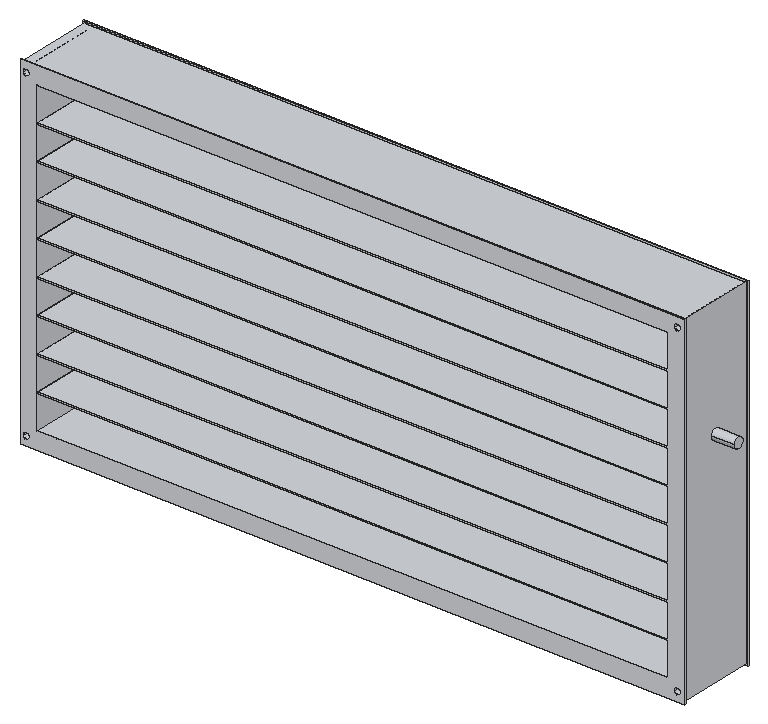
Revit family "18. Вертикальная заслонка ANR K1", category Оборудование, Revit 2016
Family settings
  Тип детали = Нормальный
  Размер круглого соединителя = Использовать диаметр
  На основе рабочей плоскости = Нет
  Всегда вертикально = Да
  При загрузке вырезать с полостями = Нет
  Общий = Нет
  Точка расчета площади = Нет
Parameters (values of type "ANR 6 K1")
  №8 = no
  №7 = no
  №6 = yes
  №45 = no
  №40 = no
  №35 = no
  №30 = no
  №25 = no
  №20 = no
  №12 = no
  р = А * 0.025  # 26 mm
  пл = Б / 10  # 54 mm
  Ширина лопатки = А * 0.051  # 53.04 mm
  Ширина = 1550 mm
  Середина = Б / 2  # 270 mm
  Д = 125 mm  # constant formula
  ножки(да/нет) [instance] = no
  Высота = 4015 mm
  Б2 = Б - 60 mm  # 480 mm
  Б1 = 510 mm
  А2 = А - 60 mm  # 980 mm
  А1 = 1020 mm
  А = 1040 mm
  Б = 540 mm
  Частотный преобразователь [instance] = no
  Частота вращения n, об/мин = ""
  Тип, марка, обозначение = "ANR 6 K1"
  Сила тока J, А = ""
  Регулятор расхода [instance] = no
  Раздел = "ОВ"
  Примечание = ""
  Позиция = ""
  Напряжение U,В = ""
  Наименование и тех.хар-ка = "Вертикальная заслонка"  # constant formula
  Мощность двигателя N,Вт = ""
  Материал = Сталь серая
  Масса единицы = ""
  Код, оборудования = ""
  Ключевая пометка = "Вентиляция"
  Задание электрикам [instance] = no
  Задание автоматчикам [instance] = no
  Завод изготовитель = "KORF"  # constant formula
  Единица измерения = "шт."  # constant formula
  d = А * 0.0154  # 16.016 mm
Reference planes
  plane 1 "По центру (Вперед/Назад)": y = 0
  plane 2: z = 0
  plane 3 "По центру (Влево/Вправо)": x = 0
  plane 4: x = -520
  plane 5: x = 520
  plane 6: y = -62.5
  plane 7: y = 62.5
  plane 8: z = 540
  plane 9: z = 525
  plane 10: z = 15
  plane 11: x = -510
  plane 12: x = 510
  plane 13: z = 270
  plane 14: z = 514
  plane 15: z = 26
  plane 16: x = -494
  plane 17: x = 494
  plane 18: z = 460
  plane 19: z = 406
  plane 20: z = 352
  plane 21: z = 298
  plane 22: z = 244
  plane 23: z = 190
  plane 24: z = 136
  plane 25: z = 82
  plane 26: z = 28
  plane 27: x = 554.5
Forms (mm)
  Extrusion 1, void, not visible
    sketch origin (-345, -245, 50) x (0, -1, 0) y (0, 0, -1)
      loop
        line (-477.965, -475) -> (-477.965, -450) -> (-528.913, -450) -> (-528.913, -475) -> (-477.965, -475)
    from -47.452 to 12
  Extrusion 2, solid, detail levels fine
    sketch origin (0, 0, 0) x (1, 0, 0) y (0, 1, 0)
      loop
        line (-520, 62.5) -> (-520, -62.5) -> (520, -62.5) -> (520, 62.5) -> (-520, 62.5)
    from 0 to 540
  Extrusion 3, void
    sketch origin (0, 0, 46.875) x (1, 0, 0) y (0, 0, 1)
      loop
        line (-494, 466.165) -> (-494, 413.125) -> (494, 413.125) -> (494, 466.165) -> (-494, 466.165)
    from -62.5 to 62.5
  Extrusion 4, void
    sketch origin (5.2, 0, -5.825) x (1, 0, 0) y (0, 0, 1)
      loop
        line (-499.2, 464.865) -> (-499.2, 411.825) -> (488.8, 411.825) -> (488.8, 464.865) -> (-499.2, 464.865)
    from -62.5 to 62.5
  Extrusion 5, void
    sketch origin (-19.6, 0, -221.025) x (1, 0, 0) y (0, 0, 1)
      loop
        line (-474.4, 626.065) -> (-474.4, 573.025) -> (513.6, 573.025) -> (513.6, 626.065) -> (-474.4, 626.065)
    from -62.5 to 62.5
  Extrusion 6, void
    sketch origin (-44.4, 0, -436.225) x (1, 0, 0) y (0, 0, 1)
      loop
        line (-449.6, 787.265) -> (-449.6, 734.225) -> (538.4, 734.225) -> (538.4, 787.265) -> (-449.6, 787.265)
    from -62.5 to 62.5
  Extrusion 7, void
    sketch origin (-9.2, 0, -648.925) x (1, 0, 0) y (0, 0, 1)
      loop
        line (-484.8, 945.965) -> (-484.8, 892.925) -> (503.2, 892.925) -> (503.2, 945.965) -> (-484.8, 945.965)
    from -62.5 to 62.5
  Extrusion 8, void
    sketch origin (-34, 0, -861) x (1, 0, 0) y (0, 0, 1)
      loop
        line (-460, 1104.04) -> (-460, 1051) -> (528, 1051) -> (528, 1104.04) -> (-460, 1104.04)
    from -62.5 to 62.5
  Extrusion 9, void
    sketch origin (-38.8, 0, -1073.075) x (1, 0, 0) y (0, 0, 1)
      loop
        line (-455.2, 1262.115) -> (-455.2, 1209.075) -> (532.8, 1209.075) -> (532.8, 1262.115) -> (-455.2, 1262.115)
    from -62.5 to 62.5
  Extrusion 10, void
    sketch origin (-63.6, 0, -1285.15) x (1, 0, 0) y (0, 0, 1)
      loop
        line (-430.4, 1420.19) -> (-430.4, 1367.15) -> (557.6, 1367.15) -> (557.6, 1420.19) -> (-430.4, 1420.19)
    from -62.5 to 62.5
  Extrusion 11, void
    sketch origin (-68.4, 0, -1497.225) x (1, 0, 0) y (0, 0, 1)
      loop
        line (-425.6, 1578.265) -> (-425.6, 1525.225) -> (562.4, 1525.225) -> (562.4, 1578.265) -> (-425.6, 1578.265)
    from -62.5 to 62.5
  Extrusion 12, void
    sketch origin (0, 0, 0) x (1, 0, 0) y (0, 0, 1)
      loop
        circle (-510, 525) r 5
    from -62.5 to 62.5
  Extrusion 13, void
    sketch origin (0, 0, 0) x (1, 0, 0) y (0, 0, 1)
      loop
        circle (-510, 15) r 5
    from -62.5 to 62.5
  Extrusion 14, void
    sketch origin (0, 0, 0) x (1, 0, 0) y (0, 0, 1)
      loop
        circle (510, 15) r 5
    from -62.5 to 62.5
  Extrusion 15, void
    sketch origin (0, 0, 0) x (1, 0, 0) y (0, 0, 1)
      loop
        circle (510, 525) r 5
    from -62.5 to 62.5
  Sweep 16, void, detail levels fine
    path in 3D
      loop
        line (-520, 62.5, 540) -> (-520, 62.5, 0) -> (520, 62.5, 0) -> (520, 62.5, 540) -> (-520, 62.5, 540)
    profile origin (0, 62.5, 540) x (0, -1, 0) y (0, 0, 1)
      loop
        line (1.759, 0) -> (1.759, -2.456) -> (123.009, -2.456) -> (123.009, 0) -> (1.759, 0)
  Extrusion 17, solid, detail levels fine
    sketch origin (0, 0, 0) x (0, 1, 0) y (0, 0, 1)
      loop
        circle (0, 352) r 8.008
    from 510 to 554.5
Cuts and joins
  Extrusion 3, Extrusion 4, Extrusion 5, Extrusion 6, Extrusion 7, Extrusion 8, Extrusion 9, Extrusion 10, Extrusion 11, Extrusion 12, Extrusion 13, Extrusion 14, Extrusion 15, Sweep 16 cuts Extrusion 2
  joined: Extrusion 2, Extrusion 17
Lines and regions (mm)
  sketch lines
    curve 1: line (520, 62.5, 540) -> (-520, 62.5, 540)
    curve 2: line (-520, 62.5, 540) -> (-520, 62.5, 0)
    curve 3: line (-520, 62.5, 0) -> (520, 62.5, 0)
    curve 4: line (520, 62.5, 540) -> (520, 62.5, 0)
  model lines, detail levels coarse
    curve 5: line (-520, 62.5, 0) -> (520, 62.5, 0)
    curve 6: line (-520, -62.5, 0) -> (-520, 62.5, 0)
    curve 7: line (520, -62.5, 0) -> (-520, -62.5, 0)
    curve 8: line (520, 62.5, 0) -> (520, -62.5, 0)
    curve 9: circle (0, 0, 0) r 35 normal (0, 0, 1)
    curve 10: line (-36.718, -34.182, 0) -> (36.418, 34.018, 0)
    curve 11: circle (-155, 0, 0) r 35 normal (0, 0, 1)
    curve 12: line (-191.718, -34.182, 0) -> (-118.582, 34.018, 0)
    curve 13: circle (-310, 0, 0) r 35 normal (0, 0, 1)
    curve 14: line (-346.718, -34.182, 0) -> (-273.582, 34.018, 0)
    curve 15: circle (-465, 0, 0) r 35 normal (0, 0, 1)
    curve 16: line (-501.718, -34.182, 0) -> (-428.582, 34.018, 0)
    curve 17: circle (465, 0, 0) r 35 normal (0, 0, 1)
    curve 18: line (428.282, -34.182, 0) -> (501.418, 34.018, 0)
    curve 19: circle (310, 0, 0) r 35 normal (0, 0, 1)
    curve 20: line (273.282, -34.182, 0) -> (346.418, 34.018, 0)
    curve 21: circle (155, 0, 0) r 35 normal (0, 0, 1)
    curve 22: line (118.282, -34.182, 0) -> (191.418, 34.018, 0)
  model lines, not visible, detail levels coarse
    curve 23: circle (0, 0, 0) r 35 normal (0, 0, 1)
    curve 24: line (-36.718, -34.182, 0) -> (36.418, 34.018, 0)
    curve 25: circle (-155, 0, 0) r 35 normal (0, 0, 1)
    curve 26: line (-191.718, -34.182, 0) -> (-118.582, 34.018, 0)
    curve 27: circle (-310, 0, 0) r 35 normal (0, 0, 1)
    curve 28: line (-346.718, -34.182, 0) -> (-273.582, 34.018, 0)
    curve 29: circle (-465, 0, 0) r 35 normal (0, 0, 1)
    curve 30: line (-501.718, -34.182, 0) -> (-428.582, 34.018, 0)
    curve 31: circle (465, 0, 0) r 35 normal (0, 0, 1)
    curve 32: line (428.282, -34.182, 0) -> (501.418, 34.018, 0)
    curve 33: circle (310, 0, 0) r 35 normal (0, 0, 1)
    curve 34: line (273.282, -34.182, 0) -> (346.418, 34.018, 0)
    curve 35: circle (155, 0, 0) r 35 normal (0, 0, 1)
    curve 36: line (118.282, -34.182, 0) -> (191.418, 34.018, 0)
Dimensions and locks
  equal spacing: plane 7, plane 1 "По центру (Вперед/Назад)", plane 6
  "Д": plane 7 to plane 6
  equal spacing: plane 4, plane 3 "По центру (Влево/Вправо)", plane 5
  "А": plane 4 to plane 5
  "Б": plane 8 to level
  "Середина": plane 13 to level
  equal spacing: plane 9, plane 13, plane 10
  "Б1": plane 9 to plane 10
  equal spacing: plane 12, plane 3 "По центру (Влево/Вправо)", plane 11
  "А1": plane 12 to plane 11
  "р": plane 8 to plane 14
  "р": plane 15 to level
  "р": plane 16 to plane 4
  "р": plane 5 to plane 17
  "Ширина лопатки": Extrusion 3 sketch curve to Extrusion 3 sketch curve
  "пл": plane 18 to plane 19
  "пл": plane 14 to plane 18
  "пл": plane 19 to plane 20
  "пл": plane 20 to plane 21
  "пл": plane 21 to plane 22
  "пл": plane 22 to plane 23
  "пл": plane 23 to plane 24
  "пл": plane 24 to plane 25
  "Ширина лопатки": Extrusion 4 sketch curve to Extrusion 4 sketch curve
  "Ширина лопатки": Extrusion 5 sketch curve to Extrusion 5 sketch curve
  "Ширина лопатки": Extrusion 6 sketch curve to Extrusion 6 sketch curve
  "пл": plane 25 to plane 26
  plane 14 to plane 15 = 488 mm
  "Ширина лопатки": Extrusion 7 sketch curve to Extrusion 7 sketch curve
  "Ширина лопатки": Extrusion 8 sketch curve to Extrusion 8 sketch curve
  "Ширина лопатки": Extrusion 9 sketch curve to Extrusion 9 sketch curve
  "Ширина лопатки": Extrusion 10 sketch curve to Extrusion 10 sketch curve
  "Ширина лопатки": Extrusion 11 sketch curve to Extrusion 11 sketch curve
  locked: plane 27 to plane 5 at 34.5
  "d": diameter of Extrusion 17 sketch curve
  aligned and locked: level to plane 2
  aligned and locked: Extrusion 2 to plane 4
  aligned and locked: plane 7 to Extrusion 2
  aligned and locked: plane 5 to Extrusion 2
  aligned and locked: Extrusion 2 to plane 6
  aligned and locked: plane 8 to Extrusion 2
  aligned and locked: cut or joined group 1 (Extrusion 2, Extrusion 3, Extrusion 4, Extrusion 5, Extrusion 6, Extrusion 7, Extrusion 8, Extrusion 9, Extrusion 10, Extrusion 11, Extrusion 12, Extrusion 13, Extrusion 14, Extrusion 15, Sweep 16, Extrusion 17) to plane 16  (x9)
  aligned and locked: plane 17 to cut or joined group 1  (x9)
  aligned and locked: cut or joined group 1 to plane 6  (x5)
  aligned and locked: plane 7 to cut or joined group 1  (x5)
  aligned and locked: cut or joined group 1 to plane 19
  aligned and locked: cut or joined group 1 to plane 20
  aligned and locked: cut or joined group 1 to plane 21
  aligned and locked: plane 18 to cut or joined group 1
  aligned and locked: plane 16 to cut or joined group 1
  aligned and locked: cut or joined group 1 to plane 17
  aligned and locked: cut or joined group 1 to plane 22
  aligned and locked: cut or joined group 1 to plane 23
  aligned and locked: cut or joined group 1 to plane 24
  aligned and locked: cut or joined group 1 to plane 25
  aligned and locked: cut or joined group 1 to plane 26
  aligned and locked: plane 27 to Extrusion 17
  aligned and locked: Extrusion 17 to plane 12
  aligned and locked: curve 5 to cut or joined group 1
  aligned and locked: curve 6 to cut or joined group 1
  aligned and locked: curve 7 to cut or joined group 1
  aligned and locked: curve 8 to cut or joined group 1
  aligned and locked: plane 7 to nested 2
  aligned and locked: nested 2 to level
  aligned and locked: plane 6 to nested 3
  aligned and locked: level to nested 3
  aligned and locked: plane 6 to nested 4  (x2)
  aligned and locked: level to nested 4
  aligned and locked: plane 6 to nested 5
  aligned and locked: level to nested 5
  aligned and locked: plane 3 "По центру (Влево/Вправо)" to nested 5
  aligned and locked: plane 3 "По центру (Влево/Вправо)" to nested 4
  aligned and locked: plane 3 "По центру (Влево/Вправо)" to nested 3
  aligned and locked: plane 3 "По центру (Влево/Вправо)" to nested 2
  aligned and locked: level to nested 6
  aligned and locked: plane 3 "По центру (Влево/Вправо)" to nested 6
  aligned and locked: plane 6 to nested 7
  aligned and locked: level to nested 7
  aligned and locked: plane 3 "По центру (Влево/Вправо)" to nested 7
  aligned and locked: plane 6 to nested 8
  aligned and locked: level to nested 8
  aligned and locked: plane 6 to nested 9
  aligned and locked: level to nested 9
  aligned and locked: plane 3 "По центру (Влево/Вправо)" to nested 9
  aligned and locked: plane 3 "По центру (Влево/Вправо)" to nested 8
  aligned and locked: plane 6 to nested 10
  aligned and locked: level to nested 10
  aligned and locked: plane 6 to nested 11
  aligned and locked: level to nested 11
  aligned and locked: plane 3 "По центру (Влево/Вправо)" to nested 11
  aligned and locked: plane 3 "По центру (Влево/Вправо)" to nested 10
Automatic sketch dimensions
  Extrusion 1 sketch curve to Extrusion 1 sketch curve = 50.949 mm
  Extrusion 1 sketch curve to Extrusion 1 sketch curve = 25 mm
  Extrusion 12 sketch curve to plane 9 = 0 mm
  Extrusion 12 sketch curve to plane 11 = 0 mm
  Extrusion 13 sketch curve to plane 10 = 0 mm
  Extrusion 13 sketch curve to plane 11 = 0 mm
  Extrusion 2 sketch curve to plane 4 = 0 mm
  Extrusion 2 sketch curve to plane 5 = 0 mm
  Extrusion 2 sketch curve to plane 6 = 0 mm
  Extrusion 2 sketch curve to plane 7 = 0 mm
  Extrusion 14 sketch curve to plane 10 = 0 mm
  Extrusion 14 sketch curve to plane 12 = 0 mm
  Extrusion 15 sketch curve to plane 9 = 0 mm
  Extrusion 15 sketch curve to plane 12 = 0 mm
  Sweep 16 sketch curve to profile plane = 0 mm
  Sweep 16 sketch curve to profile plane = 1.759 mm
  Sweep 16 sketch curve to profile plane = 2.456 mm
  Sweep 16 sketch curve to Sweep 16 sketch curve = 121.25 mm
  Extrusion 3 sketch curve to plane 16 = 0 mm
  Extrusion 3 sketch curve to plane 17 = 0 mm
  Extrusion 3 sketch curve to plane 18 = 0 mm
  Extrusion 4 sketch curve to plane 16 = 0 mm
  Extrusion 4 sketch curve to plane 17 = 0 mm
  Extrusion 4 sketch curve to plane 19 = 0 mm
  Extrusion 5 sketch curve to plane 16 = 0 mm
  Extrusion 5 sketch curve to plane 17 = 0 mm
  Extrusion 5 sketch curve to plane 20 = 0 mm
  Extrusion 6 sketch curve to plane 16 = 0 mm
  Extrusion 6 sketch curve to plane 17 = 0 mm
  Extrusion 6 sketch curve to plane 21 = 0 mm
  Extrusion 7 sketch curve to plane 16 = 0 mm
  Extrusion 7 sketch curve to plane 17 = 0 mm
  Extrusion 7 sketch curve to plane 22 = 0 mm
  Extrusion 8 sketch curve to plane 16 = 0 mm
  Extrusion 8 sketch curve to plane 17 = 0 mm
  Extrusion 8 sketch curve to plane 23 = 0 mm
  Extrusion 9 sketch curve to plane 16 = 0 mm
  Extrusion 9 sketch curve to plane 17 = 0 mm
  Extrusion 9 sketch curve to plane 24 = 0 mm
  Extrusion 10 sketch curve to plane 16 = 0 mm
  Extrusion 10 sketch curve to plane 17 = 0 mm
  Extrusion 10 sketch curve to plane 25 = 0 mm
  Extrusion 11 sketch curve to plane 16 = 0 mm
  Extrusion 11 sketch curve to plane 17 = 0 mm
  Extrusion 11 sketch curve to plane 26 = 0 mm
  Extrusion 17 sketch curve to plane 1 "По центру (Вперед/Назад)" = 0 mm
  Extrusion 17 sketch curve to plane 20 = 0 mm
  radius of Extrusion 12 sketch curve = 5 mm
  radius of Extrusion 13 sketch curve = 5 mm
  radius of Extrusion 14 sketch curve = 5 mm
  radius of Extrusion 15 sketch curve = 5 mm
Nested families
  nested 1: "крепление 15мм" at (-330, 229.965, 495), type "крепление 15мм", not visible
  nested 2: "УГО заслонка №6 (разрез)" at (0, 0, 0) x (0, 1, 0) z (0, 0, 1), visible <- "№6", длина <- "Д", высота <- "Б1", type "УГО заслонка №6 (разрез)", detail levels medium
    with длина 125 mm, высота 510 mm, Ширина 410 mm
  nested 3: "УГО заслонка №7 (разрез)" at (0, 0, 0) x (0, 1, 0) z (0, 0, 1), visible <- "№7", длина <- "Д", высота <- "Б1", type "УГО заслонка №7 (разрез)", detail levels medium
    with длина 125 mm, высота 510 mm, Ширина 410 mm
  nested 4: "УГО заслонка №8 (разрез)" at (0, 0, 0) x (0, 1, 0) z (0, 0, 1), длина <- "Д", высота <- "Б1", visible <- "№8", type "УГО заслонка №8 (разрез)", detail levels medium
    with длина 125 mm, высота 510 mm, Ширина 0 mm
  nested 5: "УГО заслонка №12 (разрез)" at (0, 0, 0) x (0, 1, 0) z (0, 0, 1), высота <- "Б1", длина <- "Д", visible <- "№12", type "УГО заслонка №12 (разрез)", detail levels medium
    with длина 125 mm, высота 510 mm, Ширина 410 mm
  nested 6: "УГО заслонка №20 (разрез)" at (0, -0.082, 0) x (0, 1, 0) z (0, 0, 1), visible <- "№20", длина <- "Д", высота <- "Б", type "УГО заслонка №20 (разрез)", detail levels medium
    with длина 125 mm, высота 540 mm, Ширина 410 mm
  nested 7: "УГО заслонка №25 (разрез)" at (0, 0, 0) x (0, 1, 0) z (0, 0, 1), visible <- "№25", длина <- "Д", высота <- "Б1", type "УГО заслонка №25 (разрез)", detail levels medium
    with длина 125 mm, высота 510 mm, Ширина 410 mm
  nested 8: "УГО заслонка №30 (разрез)" at (0, 0, 0) x (0, 1, 0) z (0, 0, 1), visible <- "№30", длина <- "Д", высота <- "Б1", type "УГО заслонка №30 (разрез)", detail levels medium
    with длина 125 mm, высота 510 mm, Ширина 410 mm
  nested 9: "УГО заслонка №35 (разрез)" at (0, 0, 0) x (0, 1, 0) z (0, 0, 1), visible <- "№35", длина <- "Д", высота <- "Б1", type "УГО заслонка №35 (разрез)", detail levels medium
    with длина 125 mm, высота 510 mm, Ширина 0 mm
  nested 10: "УГО заслонка №40 (разрез)" at (0, 0, 0) x (0, 1, 0) z (0, 0, 1), visible <- "№40", длина <- "Д", высота <- "Б1", type "УГО заслонка №40 (разрез)", detail levels medium
    with длина 125 mm, высота 510 mm, Ширина 0 mm
  nested 11: "УГО заслонка №45 (разрез)" at (0, 0, 0) x (0, 1, 0) z (0, 0, 1), длина <- "Д", высота <- "Б1", visible <- "№45", type "УГО заслонка №45 (разрез)", detail levels medium
    with длина 125 mm, высота 510 mm, Ширина 410 mm
Connectors
  hvac at (0, -62.5, 270), driven by "Б", driven by "А"
    settings: on cut or joined group 1, index 1, duct flow 0.0 L/s, flow factor 0, pres drop 0.0 Pa, loss coef 0, conn angle 0.00°, conn width 1040 mm, conn height 540 mm, conn diameter 609.6 mm, duct sys type 28, conn prof type 1, flow config 0, flow direction 0, loss method 0, conn ref index 2, conn util no, is conn primary yes, conn desc ""
  hvac at (0, 62.5, 270), driven by "Б", driven by "А"
    settings: on cut or joined group 1, index 2, duct flow 0.0 L/s, flow factor 0, pres drop 0.0 Pa, loss coef 0, conn angle 0.00°, conn width 1040 mm, conn height 540 mm, conn diameter 609.6 mm, duct sys type 28, conn prof type 1, flow config 0, flow direction 0, loss method 0, conn ref index 1, conn util no, is conn primary no, conn desc ""
Definition of nested family "крепление 15мм"
  Parameters (values of type "крепление 15мм")
    Материал крепления = none
  Reference planes
    plane 1 "По центру (Вперед/Назад)": y = 0
    plane 2: z = 0
    plane 3 "По центру (Влево/Вправо)": x = 0
  Forms (mm)
    Extrusion 1, solid, material <- "Материал крепления"
      sketch origin (0, 0, 0) x (1, 0, 0) y (0, 1, 0)
        loop
          line (-25, 0) -> (0, 0) -> (0, 18.31) -> (0, 25) -> (-3, 25) -> (-3, 3) -> (-25, 3) -> (-25, 0)
      from 0 to 30
    Extrusion 2, void
      sketch origin (0, 0, 0) x (1, 0, 0) y (0, 1, 0)
        loop
          line (-3, 3) -> (-3, 54.96) -> (-58, 54.96) -> (-58, 3) -> (-3, 3)
      from 0 to 15
  Cuts and joins
    Extrusion 2 cuts Extrusion 1
  Dimensions and locks
    Extrusion 1 sketch curve to Extrusion 1 sketch curve = 3 mm  (x2)
    Extrusion 1 sketch curve to Extrusion 1 sketch curve to plane 3 "По центру (Влево/Вправо)" = 25 mm, 0 mm
    Extrusion 1 sketch curve to Extrusion 1 sketch curve = 25 mm
    aligned and locked: level to plane 2
Definition of nested family "УГО заслонка №6 (разрез)"
  Parameters (values of type "УГО заслонка №6 (разрез)")
    длина [instance] = 125 mm
    высота [instance] = 500 mm
    Ширина [instance] = 410 mm
    Частота вращения n, об/мин = ""
    Тип, марка, обозначение = ""
    Сила тока J, А = ""
    Раздел = ""
    Примечание = ""
    Позиция = ""
    Default Elevation = 1219.2 mm
    Напряжение U,В = ""
    Наименование и тех.хар-ка = ""
    Мощность двигателя N,Вт = ""
    Материал = none
    Масса единицы = ""
    Код, оборудования = ""
    Keynote = ""
    Завод изготовитель = ""
    Единица измерения = ""
    Диаметр = 110 mm
  Reference planes
    plane 1 "По центру (Вперед/Назад)": y = 0
    plane 2: z = 0
    plane 3 "По центру (Влево/Вправо)": x = 0
    plane 4: z = 500
    plane 5: x = 62.5
    plane 6: x = -62.5
    plane 7: z = 250
  Lines and regions (mm)
    model lines
      curve 1: line (-62.5, 0, 0) -> (62.5, 0, 0)
      curve 2: line (-62.5, 0, 500) -> (-62.5, 0, 0)
      curve 3: line (62.5, 0, 500) -> (-62.5, 0, 500)
      curve 4: line (62.5, 0, 0) -> (62.5, 0, 500)
      curve 21: circle (0, 0, 250) r 25 normal (0, -1, 0)
      curve 22: line (31.82, 0, 281.82) -> (-31.82, 0, 218.18)
      curve 23: circle (0, 0, 352.5) r 25 normal (0, -1, 0)
      curve 24: line (31.82, 0, 384.32) -> (-31.82, 0, 320.68)
      curve 25: circle (0, 0, 450) r 25 normal (0, -1, 0)
      curve 26: line (31.82, 0, 481.82) -> (-31.82, 0, 418.18)
      curve 27: circle (0, 0, 50.755) r 25 normal (0, -1, 0)
      curve 28: line (31.82, 0, 82.575) -> (-31.82, 0, 18.935)
      curve 29: circle (0, 0, 148.255) r 25 normal (0, -1, 0)
      curve 30: line (31.82, 0, 180.075) -> (-31.82, 0, 116.435)
    model lines, not visible
      curve 5: line (63.964, 0, 624.61) -> (63.964, 0, 608.219)
      curve 6: line (63.964, 0, 608.219) -> (-88.681, 0, 555.659)
      curve 7: line (-88.681, 0, 555.659) -> (-88.681, 0, 524.267)
      curve 8: line (63.964, 0, 471.707) -> (-88.681, 0, 524.267)
      curve 9: line (63.964, 0, 471.707) -> (63.964, 0, 455.315)
      curve 10: line (63.964, 0, 455.315) -> (-88.681, 0, 402.755)
      curve 11: line (-88.681, 0, 402.755) -> (-88.681, 0, 371.363)
      curve 12: line (63.964, 0, 318.804) -> (-88.681, 0, 371.363)
      curve 13: line (63.964, 0, 318.804) -> (63.964, 0, 302.412)
      curve 14: line (63.964, 0, 302.412) -> (-88.681, 0, 249.852)
      curve 15: line (-88.681, 0, 249.852) -> (-88.681, 0, 218.46)
      curve 16: line (63.964, 0, 165.9) -> (-88.681, 0, 218.46)
      curve 17: line (63.964, 0, 165.9) -> (63.964, 0, 149.508)
      curve 18: line (63.964, 0, 149.508) -> (-88.681, 0, 96.948)
      curve 19: line (-88.681, 0, 96.948) -> (-88.681, 0, 65.557)
      curve 20: line (63.964, 0, 12.997) -> (-88.681, 0, 65.557)
      curve 31: circle (0, 0, 250) r 25 normal (0, -1, 0)
      curve 32: line (31.82, 0, 281.82) -> (-31.82, 0, 218.18)
      curve 33: circle (0, 0, 352.5) r 25 normal (0, -1, 0)
      curve 34: line (31.82, 0, 384.32) -> (-31.82, 0, 320.68)
      curve 35: circle (0, 0, 450) r 25 normal (0, -1, 0)
      curve 36: line (31.82, 0, 481.82) -> (-31.82, 0, 418.18)
      curve 37: circle (0, 0, 50.755) r 25 normal (0, -1, 0)
      curve 38: line (31.82, 0, 82.575) -> (-31.82, 0, 18.935)
      curve 39: circle (0, 0, 148.255) r 25 normal (0, -1, 0)
      curve 40: line (31.82, 0, 180.075) -> (-31.82, 0, 116.435)
  Dimensions and locks
    equal spacing: plane 5, plane 3 "По центру (Влево/Вправо)", plane 6
    "длина": plane 5 to plane 6
    "высота": plane 4 to level
    equal spacing: plane 4, plane 7, plane 2
    aligned and locked: level to plane 2
  Automatic sketch dimensions
    curve 3 to plane 4 = 0 mm
    curve 3 to plane 6 = 0 mm
    curve 4 to level = 0 mm
    curve 4 to plane 5 = 0 mm
Definition of nested family "УГО заслонка №7 (разрез)"
  Parameters (values of type "УГО заслонка №7 (разрез)")
    длина [instance] = 125 mm
    высота [instance] = 700 mm
    Ширина [instance] = 410 mm
    Частота вращения n, об/мин = ""
    Тип, марка, обозначение = ""
    Сила тока J, А = ""
    Раздел = ""
    Примечание = ""
    Позиция = ""
    Default Elevation = 1219.2 mm
    Напряжение U,В = ""
    Наименование и тех.хар-ка = ""
    Мощность двигателя N,Вт = ""
    Материал = none
    Масса единицы = ""
    Код, оборудования = ""
    Keynote = ""
    Завод изготовитель = ""
    Единица измерения = ""
    Диаметр = 110 mm
  Reference planes
    plane 1 "По центру (Вперед/Назад)": y = 0
    plane 2: z = 0
    plane 3 "По центру (Влево/Вправо)": x = 0
    plane 4: z = 700
    plane 5: x = 62.5
    plane 6: x = -62.5
    plane 7: z = 350
  Lines and regions (mm)
    model lines
      curve 1: line (-62.5, 0, 0) -> (62.5, 0, 0)
      curve 2: line (-62.5, 0, 700) -> (-62.5, 0, 0)
      curve 3: line (62.5, 0, 700) -> (-62.5, 0, 700)
      curve 4: line (62.5, 0, 0) -> (62.5, 0, 700)
      curve 21: circle (0, 0, 350) r 25 normal (0, -1, 0)
      curve 22: line (31.82, 0, 381.82) -> (-31.82, 0, 318.18)
      curve 23: circle (0, 0, 452.5) r 25 normal (0, -1, 0)
      curve 24: line (31.82, 0, 484.32) -> (-31.82, 0, 420.68)
      curve 25: circle (0, 0, 650) r 25 normal (0, -1, 0)
      curve 26: line (31.82, 0, 681.82) -> (-31.82, 0, 618.18)
      curve 27: circle (0, 0, 50.755) r 25 normal (0, -1, 0)
      curve 28: line (31.82, 0, 82.575) -> (-31.82, 0, 18.935)
      curve 29: circle (0, 0, 248.255) r 25 normal (0, -1, 0)
      curve 30: line (31.82, 0, 280.075) -> (-31.82, 0, 216.435)
      curve 31: circle (0, 0, 555) r 25 normal (0, -1, 0)
      curve 32: line (31.82, 0, 586.82) -> (-31.82, 0, 523.18)
      curve 33: circle (0, 0, 146.51) r 25 normal (0, -1, 0)
      curve 34: line (31.82, 0, 178.329) -> (-31.82, 0, 114.69)
    model lines, not visible
      curve 5: line (63.964, 0, 624.61) -> (63.964, 0, 608.219)
      curve 6: line (63.964, 0, 608.219) -> (-88.681, 0, 555.659)
      curve 7: line (-88.681, 0, 555.659) -> (-88.681, 0, 524.267)
      curve 8: line (63.964, 0, 471.707) -> (-88.681, 0, 524.267)
      curve 9: line (63.964, 0, 471.707) -> (63.964, 0, 455.315)
      curve 10: line (63.964, 0, 455.315) -> (-88.681, 0, 402.755)
      curve 11: line (-88.681, 0, 402.755) -> (-88.681, 0, 371.363)
      curve 12: line (63.964, 0, 318.804) -> (-88.681, 0, 371.363)
      curve 13: line (63.964, 0, 318.804) -> (63.964, 0, 302.412)
      curve 14: line (63.964, 0, 302.412) -> (-88.681, 0, 249.852)
      curve 15: line (-88.681, 0, 249.852) -> (-88.681, 0, 218.46)
      curve 16: line (63.964, 0, 165.9) -> (-88.681, 0, 218.46)
      curve 17: line (63.964, 0, 165.9) -> (63.964, 0, 149.508)
      curve 18: line (63.964, 0, 149.508) -> (-88.681, 0, 96.948)
      curve 19: line (-88.681, 0, 96.948) -> (-88.681, 0, 65.557)
      curve 20: line (63.964, 0, 12.997) -> (-88.681, 0, 65.557)
      curve 35: circle (0, 0, 350) r 25 normal (0, -1, 0)
      curve 36: line (31.82, 0, 381.82) -> (-31.82, 0, 318.18)
      curve 37: circle (0, 0, 452.5) r 25 normal (0, -1, 0)
      curve 38: line (31.82, 0, 484.32) -> (-31.82, 0, 420.68)
      curve 39: circle (0, 0, 650) r 25 normal (0, -1, 0)
      curve 40: line (31.82, 0, 681.82) -> (-31.82, 0, 618.18)
      curve 41: circle (0, 0, 50.755) r 25 normal (0, -1, 0)
      curve 42: line (31.82, 0, 82.575) -> (-31.82, 0, 18.935)
      curve 43: circle (0, 0, 248.255) r 25 normal (0, -1, 0)
      curve 44: line (31.82, 0, 280.075) -> (-31.82, 0, 216.435)
      curve 45: circle (0, 0, 555) r 25 normal (0, -1, 0)
      curve 46: line (31.82, 0, 586.82) -> (-31.82, 0, 523.18)
      curve 47: circle (0, 0, 146.51) r 25 normal (0, -1, 0)
      curve 48: line (31.82, 0, 178.329) -> (-31.82, 0, 114.69)
  Dimensions and locks
    equal spacing: plane 5, plane 3 "По центру (Влево/Вправо)", plane 6
    "длина": plane 5 to plane 6
    "высота": plane 4 to level
    equal spacing: plane 4, plane 7, plane 2
    aligned and locked: level to plane 2
  Automatic sketch dimensions
    curve 3 to plane 4 = 0 mm
    curve 3 to plane 6 = 0 mm
    curve 3 to plane 5 = 0 mm
    curve 1 to level = 0 mm
Definition of nested family "УГО заслонка №8 (разрез)"
  Parameters (values of type "УГО заслонка №8 (разрез)")
    длина [instance] = 125 mm
    высота [instance] = 740 mm
    Ширина [instance] = 410 mm
    Частота вращения n, об/мин = ""
    Тип, марка, обозначение = ""
    Сила тока J, А = ""
    Раздел = ""
    Примечание = ""
    Позиция = ""
    Default Elevation = 1219.2 mm
    Напряжение U,В = ""
    Наименование и тех.хар-ка = ""
    Мощность двигателя N,Вт = ""
    Материал = none
    Масса единицы = ""
    Код, оборудования = ""
    Keynote = ""
    Завод изготовитель = ""
    Единица измерения = ""
    Диаметр = 110 mm
  Reference planes
    plane 1 "По центру (Вперед/Назад)": y = 0
    plane 2: z = 0
    plane 3 "По центру (Влево/Вправо)": x = 0
    plane 4: z = 740
    plane 5: x = 62.5
    plane 6: x = -62.5
    plane 7: z = 370
  Lines and regions (mm)
    model lines
      curve 1: line (-62.5, 0, 0) -> (62.5, 0, 0)
      curve 2: line (-62.5, 0, 740) -> (-62.5, 0, 0)
      curve 3: line (62.5, 0, 740) -> (-62.5, 0, 740)
      curve 4: line (62.5, 0, 0) -> (62.5, 0, 740)
      curve 21: circle (0, 0, 370) r 25 normal (0, -1, 0)
      curve 22: line (31.82, 0, 401.82) -> (-31.82, 0, 338.18)
      curve 23: circle (0, 0, 50.755) r 25 normal (0, -1, 0)
      curve 24: line (31.82, 0, 82.575) -> (-31.82, 0, 18.935)
      curve 25: circle (0, 0, 268.255) r 25 normal (0, -1, 0)
      curve 26: line (31.82, 0, 300.075) -> (-31.82, 0, 236.435)
      curve 27: circle (0, 0, 156.51) r 25 normal (0, -1, 0)
      curve 28: line (31.82, 0, 188.329) -> (-31.82, 0, 124.69)
      curve 29: circle (0, 0, 689.245) r 25 normal (0, 1, 0)
      curve 30: circle (0, 0, 471.745) r 25 normal (0, 1, 0)
      curve 31: circle (0, 0, 583.49) r 25 normal (0, 1, 0)
      curve 32: line (31.82, 0, 503.565) -> (-31.82, 0, 439.925)
      curve 33: line (31.82, 0, 615.31) -> (-31.82, 0, 551.671)
      curve 34: line (31.82, 0, 721.065) -> (-31.82, 0, 657.425)
    model lines, not visible
      curve 5: line (63.964, 0, 624.61) -> (63.964, 0, 608.219)
      curve 6: line (63.964, 0, 608.219) -> (-88.681, 0, 555.659)
      curve 7: line (-88.681, 0, 555.659) -> (-88.681, 0, 524.267)
      curve 8: line (63.964, 0, 471.707) -> (-88.681, 0, 524.267)
      curve 9: line (63.964, 0, 471.707) -> (63.964, 0, 455.315)
      curve 10: line (63.964, 0, 455.315) -> (-88.681, 0, 402.755)
      curve 11: line (-88.681, 0, 402.755) -> (-88.681, 0, 371.363)
      curve 12: line (63.964, 0, 318.804) -> (-88.681, 0, 371.363)
      curve 13: line (63.964, 0, 318.804) -> (63.964, 0, 302.412)
      curve 14: line (63.964, 0, 302.412) -> (-88.681, 0, 249.852)
      curve 15: line (-88.681, 0, 249.852) -> (-88.681, 0, 218.46)
      curve 16: line (63.964, 0, 165.9) -> (-88.681, 0, 218.46)
      curve 17: line (63.964, 0, 165.9) -> (63.964, 0, 149.508)
      curve 18: line (63.964, 0, 149.508) -> (-88.681, 0, 96.948)
      curve 19: line (-88.681, 0, 96.948) -> (-88.681, 0, 65.557)
      curve 20: line (63.964, 0, 12.997) -> (-88.681, 0, 65.557)
      curve 35: circle (0, 0, 370) r 25 normal (0, -1, 0)
      curve 36: line (31.82, 0, 401.82) -> (-31.82, 0, 338.18)
      curve 37: circle (0, 0, 50.755) r 25 normal (0, -1, 0)
      curve 38: line (31.82, 0, 82.575) -> (-31.82, 0, 18.935)
      curve 39: circle (0, 0, 268.255) r 25 normal (0, -1, 0)
      curve 40: line (31.82, 0, 300.075) -> (-31.82, 0, 236.435)
      curve 41: circle (0, 0, 156.51) r 25 normal (0, -1, 0)
      curve 42: line (31.82, 0, 188.329) -> (-31.82, 0, 124.69)
      curve 43: circle (0, 0, 689.245) r 25 normal (0, 1, 0)
      curve 44: circle (0, 0, 471.745) r 25 normal (0, 1, 0)
      curve 45: circle (0, 0, 583.49) r 25 normal (0, 1, 0)
      curve 46: line (31.82, 0, 503.565) -> (-31.82, 0, 439.925)
      curve 47: line (31.82, 0, 615.31) -> (-31.82, 0, 551.671)
      curve 48: line (31.82, 0, 721.065) -> (-31.82, 0, 657.425)
  Dimensions and locks
    equal spacing: plane 5, plane 3 "По центру (Влево/Вправо)", plane 6
    "длина": plane 5 to plane 6
    "высота": plane 4 to level
    equal spacing: plane 4, plane 7, plane 2
    aligned and locked: level to plane 2
  Automatic sketch dimensions
    curve 3 to plane 4 = 0 mm
    curve 3 to plane 6 = 0 mm
    curve 1 to level = 0 mm
    curve 1 to plane 5 = 0 mm
Definition of nested family "УГО заслонка №12 (разрез)"
  Parameters (values of type "УГО заслонка №12 (разрез)")
    длина [instance] = 125 mm
    высота [instance] = 840 mm
    Ширина [instance] = 410 mm
    Частота вращения n, об/мин = ""
    Тип, марка, обозначение = ""
    Сила тока J, А = ""
    Раздел = ""
    Примечание = ""
    Позиция = ""
    Default Elevation = 1219.2 mm
    Напряжение U,В = ""
    Наименование и тех.хар-ка = ""
    Мощность двигателя N,Вт = ""
    Материал = none
    Масса единицы = ""
    Код, оборудования = ""
    Keynote = ""
    Завод изготовитель = ""
    Единица измерения = ""
    Диаметр = 110 mm
  Reference planes
    plane 1 "По центру (Вперед/Назад)": y = 0
    plane 2: z = 0
    plane 3 "По центру (Влево/Вправо)": x = 0
    plane 4: z = 840
    plane 5: x = 62.5
    plane 6: x = -62.5
    plane 7: z = 420
  Lines and regions (mm)
    model lines
      curve 1: line (-62.5, 0, 0) -> (62.5, 0, 0)
      curve 2: line (-62.5, 0, 840) -> (-62.5, 0, 0)
      curve 3: line (62.5, 0, 840) -> (-62.5, 0, 840)
      curve 4: line (62.5, 0, 0) -> (62.5, 0, 840)
      curve 21: circle (0, 0, 420) r 25 normal (0, -1, 0)
      curve 22: line (31.82, 0, 451.82) -> (-31.82, 0, 388.18)
      curve 23: circle (0, 0, 769.245) r 25 normal (0, 1, 0)
      curve 24: circle (0, 0, 536.745) r 25 normal (0, 1, 0)
      curve 25: circle (0, 0, 658.49) r 25 normal (0, 1, 0)
      curve 26: line (31.82, 0, 568.565) -> (-31.82, 0, 504.925)
      curve 27: line (31.82, 0, 690.31) -> (-31.82, 0, 626.671)
      curve 28: line (31.82, 0, 801.065) -> (-31.82, 0, 737.425)
      curve 29: circle (0, 0, 298.255) r 25 normal (0, 1, 0)
      curve 30: line (31.82, 0, 330.075) -> (-31.82, 0, 266.435)
      curve 31: circle (0, 0, 176.51) r 25 normal (0, 1, 0)
      curve 32: line (31.82, 0, 208.329) -> (-31.82, 0, 144.69)
      curve 33: circle (0, 0, 67.264) r 25 normal (0, 1, 0)
      curve 34: line (31.82, 0, 99.084) -> (-31.82, 0, 35.445)
    model lines, not visible
      curve 5: line (63.964, 0, 624.61) -> (63.964, 0, 608.219)
      curve 6: line (63.964, 0, 608.219) -> (-88.681, 0, 555.659)
      curve 7: line (-88.681, 0, 555.659) -> (-88.681, 0, 524.267)
      curve 8: line (63.964, 0, 471.707) -> (-88.681, 0, 524.267)
      curve 9: line (63.964, 0, 471.707) -> (63.964, 0, 455.315)
      curve 10: line (63.964, 0, 455.315) -> (-88.681, 0, 402.755)
      curve 11: line (-88.681, 0, 402.755) -> (-88.681, 0, 371.363)
      curve 12: line (63.964, 0, 318.804) -> (-88.681, 0, 371.363)
      curve 13: line (63.964, 0, 318.804) -> (63.964, 0, 302.412)
      curve 14: line (63.964, 0, 302.412) -> (-88.681, 0, 249.852)
      curve 15: line (-88.681, 0, 249.852) -> (-88.681, 0, 218.46)
      curve 16: line (63.964, 0, 165.9) -> (-88.681, 0, 218.46)
      curve 17: line (63.964, 0, 165.9) -> (63.964, 0, 149.508)
      curve 18: line (63.964, 0, 149.508) -> (-88.681, 0, 96.948)
      curve 19: line (-88.681, 0, 96.948) -> (-88.681, 0, 65.557)
      curve 20: line (63.964, 0, 12.997) -> (-88.681, 0, 65.557)
      curve 35: circle (0, 0, 420) r 25 normal (0, -1, 0)
      curve 36: line (31.82, 0, 451.82) -> (-31.82, 0, 388.18)
      curve 37: circle (0, 0, 789.245) r 25 normal (0, 1, 0)
      curve 38: circle (0, 0, 536.745) r 25 normal (0, 1, 0)
      curve 39: circle (0, 0, 658.49) r 25 normal (0, 1, 0)
      curve 40: line (31.82, 0, 568.565) -> (-31.82, 0, 504.925)
      curve 41: line (31.82, 0, 690.31) -> (-31.82, 0, 626.671)
      curve 42: line (31.82, 0, 821.065) -> (-31.82, 0, 757.425)
      curve 43: circle (0, 0, 298.255) r 25 normal (0, 1, 0)
      curve 44: line (31.82, 0, 330.075) -> (-31.82, 0, 266.435)
      curve 45: circle (0, 0, 176.51) r 25 normal (0, 1, 0)
      curve 46: line (31.82, 0, 208.329) -> (-31.82, 0, 144.69)
      curve 47: circle (0, 0, 54.764) r 25 normal (0, 1, 0)
      curve 48: line (31.82, 0, 86.584) -> (-31.82, 0, 22.945)
      curve 49: circle (0, 0, 420) r 25 normal (0, -1, 0)
      curve 50: line (31.82, 0, 451.82) -> (-31.82, 0, 388.18)
      curve 51: circle (0, 0, 769.245) r 25 normal (0, 1, 0)
      curve 52: circle (0, 0, 536.745) r 25 normal (0, 1, 0)
      curve 53: circle (0, 0, 658.49) r 25 normal (0, 1, 0)
      curve 54: line (31.82, 0, 568.565) -> (-31.82, 0, 504.925)
      curve 55: line (31.82, 0, 690.31) -> (-31.82, 0, 626.671)
      curve 56: line (31.82, 0, 801.065) -> (-31.82, 0, 737.425)
      curve 57: circle (0, 0, 298.255) r 25 normal (0, 1, 0)
      curve 58: line (31.82, 0, 330.075) -> (-31.82, 0, 266.435)
      curve 59: circle (0, 0, 176.51) r 25 normal (0, 1, 0)
      curve 60: line (31.82, 0, 208.329) -> (-31.82, 0, 144.69)
      curve 61: circle (0, 0, 67.264) r 25 normal (0, 1, 0)
      curve 62: line (31.82, 0, 99.084) -> (-31.82, 0, 35.445)
  Dimensions and locks
    equal spacing: plane 5, plane 3 "По центру (Влево/Вправо)", plane 6
    "длина": plane 5 to plane 6
    "высота": plane 4 to level
    equal spacing: plane 4, plane 7, plane 2
    aligned and locked: level to plane 2
  Automatic sketch dimensions
    curve 3 to plane 4 = 0 mm
    curve 3 to plane 6 = 0 mm
    curve 4 to plane 5 = 0 mm
    curve 1 to level = 0 mm
Definition of nested family "УГО заслонка №20 (разрез)"
  Parameters (values of type "УГО заслонка №20 (разрез)")
    длина [instance] = 125 mm
    высота [instance] = 1040 mm
    Ширина [instance] = 410 mm
    Частота вращения n, об/мин = ""
    Тип, марка, обозначение = ""
    Сила тока J, А = ""
    Раздел = ""
    Примечание = ""
    Позиция = ""
    Default Elevation = 1219.2 mm
    Напряжение U,В = ""
    Наименование и тех.хар-ка = ""
    Мощность двигателя N,Вт = ""
    Материал = none
    Масса единицы = ""
    Код, оборудования = ""
    Keynote = ""
    Завод изготовитель = ""
    Единица измерения = ""
    Диаметр = 110 mm
  Reference planes
    plane 1 "По центру (Вперед/Назад)": y = 0
    plane 2: z = 0
    plane 3 "По центру (Влево/Вправо)": x = 0
    plane 4: z = 1040
    plane 5: x = 62.5
    plane 6: x = -62.5
    plane 7: z = 520
  Lines and regions (mm)
    model lines
      curve 1: line (-62.5, 0, 0) -> (62.5, 0, 0)
      curve 2: line (-62.5, 0, 1040) -> (-62.5, 0, 0)
      curve 3: line (62.5, 0, 1040) -> (-62.5, 0, 1040)
      curve 4: line (62.5, 0, 0) -> (62.5, 0, 1040)
      curve 21: circle (0, 0, 520) r 25 normal (0, -1, 0)
      curve 22: line (31.82, 0, 551.82) -> (-31.82, 0, 488.18)
      curve 37: circle (0, 0, 680) r 25 normal (0, -1, 0)
      curve 38: line (31.82, 0, 711.82) -> (-31.82, 0, 648.18)
      curve 39: circle (0, 0, 840) r 25 normal (0, -1, 0)
      curve 40: line (31.82, 0, 871.82) -> (-31.82, 0, 808.18)
      curve 41: circle (0, 0, 1000) r 25 normal (0, -1, 0)
      curve 42: line (31.82, 0, 1031.82) -> (-31.82, 0, 968.18)
      curve 43: circle (0, 0, 360) r 25 normal (0, 1, 0)
      curve 44: circle (0, 0, 200) r 25 normal (0, 1, 0)
      curve 45: circle (0, 0, 40) r 25 normal (0, 1, 0)
      curve 46: line (31.82, 0, 391.82) -> (-31.82, 0, 328.18)
      curve 47: line (31.82, 0, 231.82) -> (-31.82, 0, 168.18)
      curve 48: line (31.82, 0, 71.82) -> (-31.82, 0, 8.18)
    model lines, not visible
      curve 5: line (63.964, 0, 624.61) -> (63.964, 0, 608.219)
      curve 6: line (63.964, 0, 608.219) -> (-88.681, 0, 555.659)
      curve 7: line (-88.681, 0, 555.659) -> (-88.681, 0, 524.267)
      curve 8: line (63.964, 0, 471.707) -> (-88.681, 0, 524.267)
      curve 9: line (63.964, 0, 471.707) -> (63.964, 0, 455.315)
      curve 10: line (63.964, 0, 455.315) -> (-88.681, 0, 402.755)
      curve 11: line (-88.681, 0, 402.755) -> (-88.681, 0, 371.363)
      curve 12: line (63.964, 0, 318.804) -> (-88.681, 0, 371.363)
      curve 13: line (63.964, 0, 318.804) -> (63.964, 0, 302.412)
      curve 14: line (63.964, 0, 302.412) -> (-88.681, 0, 249.852)
      curve 15: line (-88.681, 0, 249.852) -> (-88.681, 0, 218.46)
      curve 16: line (63.964, 0, 165.9) -> (-88.681, 0, 218.46)
      curve 17: line (63.964, 0, 165.9) -> (63.964, 0, 149.508)
      curve 18: line (63.964, 0, 149.508) -> (-88.681, 0, 96.948)
      curve 19: line (-88.681, 0, 96.948) -> (-88.681, 0, 65.557)
      curve 20: line (63.964, 0, 12.997) -> (-88.681, 0, 65.557)
      curve 23: circle (0, 0, 420) r 25 normal (0, -1, 0)
      curve 24: line (31.82, 0, 451.82) -> (-31.82, 0, 388.18)
      curve 25: circle (0, 0, 789.245) r 25 normal (0, 1, 0)
      curve 26: circle (0, 0, 536.745) r 25 normal (0, 1, 0)
      curve 27: circle (0, 0, 658.49) r 25 normal (0, 1, 0)
      curve 28: line (31.82, 0, 568.565) -> (-31.82, 0, 504.925)
      curve 29: line (31.82, 0, 690.31) -> (-31.82, 0, 626.671)
      curve 30: line (31.82, 0, 821.065) -> (-31.82, 0, 757.425)
      curve 31: circle (0, 0, 298.255) r 25 normal (0, 1, 0)
      curve 32: line (31.82, 0, 330.075) -> (-31.82, 0, 266.435)
      curve 33: circle (0, 0, 176.51) r 25 normal (0, 1, 0)
      curve 34: line (31.82, 0, 208.329) -> (-31.82, 0, 144.69)
      curve 35: circle (0, 0, 54.764) r 25 normal (0, 1, 0)
      curve 36: line (31.82, 0, 86.584) -> (-31.82, 0, 22.945)
      curve 49: line (-62.5, 0, 0) -> (62.5, 0, 0)
      curve 50: circle (0, 0, 520) r 25 normal (0, -1, 0)
      curve 51: line (31.82, 0, 551.82) -> (-31.82, 0, 488.18)
      curve 52: circle (0, 0, 680) r 25 normal (0, -1, 0)
      curve 53: line (31.82, 0, 711.82) -> (-31.82, 0, 648.18)
      curve 54: circle (0, 0, 840) r 25 normal (0, -1, 0)
      curve 55: line (31.82, 0, 871.82) -> (-31.82, 0, 808.18)
      curve 56: circle (0, 0, 1000) r 25 normal (0, -1, 0)
      curve 57: circle (0, 0, 360) r 25 normal (0, 1, 0)
      curve 58: circle (0, 0, 200) r 25 normal (0, 1, 0)
      curve 59: circle (0, 0, 40) r 25 normal (0, 1, 0)
      curve 60: line (31.82, 0, 391.82) -> (-31.82, 0, 328.18)
      curve 61: line (31.82, 0, 231.82) -> (-31.82, 0, 168.18)
      curve 62: line (31.82, 0, 71.82) -> (-31.82, 0, 8.18)
  Dimensions and locks
    equal spacing: plane 5, plane 3 "По центру (Влево/Вправо)", plane 6
    "длина": plane 5 to plane 6
    "высота": plane 4 to level
    equal spacing: plane 4, plane 7, plane 2
    curve 42 to curve 40 to curve 38 to plane 7 = 160 mm, 160 mm, 160 mm
    aligned and locked: level to plane 2
  Automatic sketch dimensions
    curve 3 to plane 4 = 0 mm
    curve 3 to plane 6 = 0 mm
    plane 6 to curve 42 = 30.68 mm
    curve 42 to plane 4 = 8.18 mm
    curve 42 to plane 5 = 30.68 mm
    curve 4 to plane 5 = 0 mm
    curve 2 to level = 0 mm
    curve 4 to level = 0 mm
    curve 42 to plane 4 = 71.82 mm
Definition of nested family "УГО заслонка №25 (разрез)"
  Parameters (values of type "УГО заслонка №25 (разрез)")
    длина [instance] = 125 mm
    высота [instance] = 1400 mm
    Ширина [instance] = 410 mm
    Частота вращения n, об/мин = ""
    Тип, марка, обозначение = ""
    Сила тока J, А = ""
    Раздел = ""
    Примечание = ""
    Позиция = ""
    Default Elevation = 1219.2 mm
    Напряжение U,В = ""
    Наименование и тех.хар-ка = ""
    Мощность двигателя N,Вт = ""
    Материал = none
    Масса единицы = ""
    Код, оборудования = ""
    Keynote = ""
    Завод изготовитель = ""
    Единица измерения = ""
    Диаметр = 110 mm
  Reference planes
    plane 1 "По центру (Вперед/Назад)": y = 0
    plane 2: z = 0
    plane 3 "По центру (Влево/Вправо)": x = 0
    plane 4: z = 1400
    plane 5: x = 62.5
    plane 6: x = -62.5
    plane 7: z = 700
  Lines and regions (mm)
    model lines
      curve 1: line (-62.5, 0, 0) -> (62.5, 0, 0)
      curve 2: line (-62.5, 0, 1400) -> (-62.5, 0, 0)
      curve 3: line (62.5, 0, 1400) -> (-62.5, 0, 1400)
      curve 4: line (62.5, 0, 0) -> (62.5, 0, 1400)
      curve 21: circle (0, 0, 700) r 25 normal (0, -1, 0)
      curve 22: line (31.82, 0, 731.82) -> (-31.82, 0, 668.18)
      curve 37: circle (0, 0, 860) r 25 normal (0, -1, 0)
      curve 38: line (31.82, 0, 891.82) -> (-31.82, 0, 828.18)
      curve 39: circle (0, 0, 1185) r 25 normal (0, -1, 0)
      curve 40: line (31.82, 0, 1216.82) -> (-31.82, 0, 1153.18)
      curve 41: circle (0, 0, 1345) r 25 normal (0, -1, 0)
      curve 42: line (31.82, 0, 1376.82) -> (-31.82, 0, 1313.18)
      curve 57: circle (0, 0, 1020) r 25 normal (0, -1, 0)
      curve 58: line (31.82, 0, 1051.82) -> (-31.82, 0, 988.18)
      curve 59: circle (0, 0, 540) r 25 normal (0, 1, 0)
      curve 60: circle (0, 0, 215) r 25 normal (0, 1, 0)
      curve 61: circle (0, 0, 55) r 25 normal (0, 1, 0)
      curve 62: circle (0, 0, 380) r 25 normal (0, 1, 0)
      curve 63: line (31.82, 0, 571.82) -> (-31.82, 0, 508.18)
      curve 64: line (31.82, 0, 411.82) -> (-31.82, 0, 348.18)
      curve 65: line (31.82, 0, 246.82) -> (-31.82, 0, 183.18)
      curve 66: line (31.82, 0, 86.82) -> (-31.82, 0, 23.18)
    model lines, not visible
      curve 5: line (63.964, 0, 624.61) -> (63.964, 0, 608.219)
      curve 6: line (63.964, 0, 608.219) -> (-88.681, 0, 555.659)
      curve 7: line (-88.681, 0, 555.659) -> (-88.681, 0, 524.267)
      curve 8: line (63.964, 0, 471.707) -> (-88.681, 0, 524.267)
      curve 9: line (63.964, 0, 471.707) -> (63.964, 0, 455.315)
      curve 10: line (63.964, 0, 455.315) -> (-88.681, 0, 402.755)
      curve 11: line (-88.681, 0, 402.755) -> (-88.681, 0, 371.363)
      curve 12: line (63.964, 0, 318.804) -> (-88.681, 0, 371.363)
      curve 13: line (63.964, 0, 318.804) -> (63.964, 0, 302.412)
      curve 14: line (63.964, 0, 302.412) -> (-88.681, 0, 249.852)
      curve 15: line (-88.681, 0, 249.852) -> (-88.681, 0, 218.46)
      curve 16: line (63.964, 0, 165.9) -> (-88.681, 0, 218.46)
      curve 17: line (63.964, 0, 165.9) -> (63.964, 0, 149.508)
      curve 18: line (63.964, 0, 149.508) -> (-88.681, 0, 96.948)
      curve 19: line (-88.681, 0, 96.948) -> (-88.681, 0, 65.557)
      curve 20: line (63.964, 0, 12.997) -> (-88.681, 0, 65.557)
      curve 23: circle (0, 0, 420) r 25 normal (0, -1, 0)
      curve 24: line (31.82, 0, 451.82) -> (-31.82, 0, 388.18)
      curve 25: circle (0, 0, 789.245) r 25 normal (0, 1, 0)
      curve 26: circle (0, 0, 536.745) r 25 normal (0, 1, 0)
      curve 27: circle (0, 0, 658.49) r 25 normal (0, 1, 0)
      curve 28: line (31.82, 0, 568.565) -> (-31.82, 0, 504.925)
      curve 29: line (31.82, 0, 690.31) -> (-31.82, 0, 626.671)
      curve 30: line (31.82, 0, 821.065) -> (-31.82, 0, 757.425)
      curve 31: circle (0, 0, 298.255) r 25 normal (0, 1, 0)
      curve 32: line (31.82, 0, 330.075) -> (-31.82, 0, 266.435)
      curve 33: circle (0, 0, 176.51) r 25 normal (0, 1, 0)
      curve 34: line (31.82, 0, 208.329) -> (-31.82, 0, 144.69)
      curve 35: circle (0, 0, 54.764) r 25 normal (0, 1, 0)
      curve 36: line (31.82, 0, 86.584) -> (-31.82, 0, 22.945)
      curve 43: line (-62.5, 0, 0) -> (62.5, 0, 0)
      curve 44: circle (0, 0, 520) r 25 normal (0, -1, 0)
      curve 45: line (31.82, 0, 551.82) -> (-31.82, 0, 488.18)
      curve 46: circle (0, 0, 680) r 25 normal (0, -1, 0)
      curve 47: line (31.82, 0, 711.82) -> (-31.82, 0, 648.18)
      curve 48: circle (0, 0, 840) r 25 normal (0, -1, 0)
      curve 49: line (31.82, 0, 871.82) -> (-31.82, 0, 808.18)
      curve 50: circle (0, 0, 1000) r 25 normal (0, -1, 0)
      curve 51: circle (0, 0, 360) r 25 normal (0, 1, 0)
      curve 52: circle (0, 0, 200) r 25 normal (0, 1, 0)
      curve 53: circle (0, 0, 40) r 25 normal (0, 1, 0)
      curve 54: line (31.82, 0, 391.82) -> (-31.82, 0, 328.18)
      curve 55: line (31.82, 0, 231.82) -> (-31.82, 0, 168.18)
      curve 56: line (31.82, 0, 71.82) -> (-31.82, 0, 8.18)
      curve 67: circle (0, 0, 700) r 25 normal (0, -1, 0)
      curve 68: line (31.82, 0, 731.82) -> (-31.82, 0, 668.18)
      curve 69: circle (0, 0, 860) r 25 normal (0, -1, 0)
      curve 70: line (31.82, 0, 891.82) -> (-31.82, 0, 828.18)
      curve 71: circle (0, 0, 1185) r 25 normal (0, -1, 0)
      curve 72: line (31.82, 0, 1216.82) -> (-31.82, 0, 1153.18)
      curve 73: circle (0, 0, 1345) r 25 normal (0, -1, 0)
      curve 74: line (31.82, 0, 1376.82) -> (-31.82, 0, 1313.18)
      curve 75: circle (0, 0, 1020) r 25 normal (0, -1, 0)
      curve 76: line (31.82, 0, 1051.82) -> (-31.82, 0, 988.18)
      curve 77: circle (0, 0, 540) r 25 normal (0, 1, 0)
      curve 78: circle (0, 0, 215) r 25 normal (0, 1, 0)
      curve 79: circle (0, 0, 55) r 25 normal (0, 1, 0)
      curve 80: circle (0, 0, 380) r 25 normal (0, 1, 0)
      curve 81: line (31.82, 0, 571.82) -> (-31.82, 0, 508.18)
      curve 82: line (31.82, 0, 411.82) -> (-31.82, 0, 348.18)
      curve 83: line (31.82, 0, 246.82) -> (-31.82, 0, 183.18)
      curve 84: line (31.82, 0, 86.82) -> (-31.82, 0, 23.18)
  Dimensions and locks
    equal spacing: plane 5, plane 3 "По центру (Влево/Вправо)", plane 6
    "длина": plane 5 to plane 6
    "высота": plane 4 to level
    equal spacing: plane 4, plane 7, plane 2
    aligned and locked: level to plane 2
  Automatic sketch dimensions
    curve 3 to plane 4 = 0 mm
    curve 3 to plane 6 = 0 mm
    curve 1 to level = 0 mm
    curve 1 to plane 5 = 0 mm
Definition of nested family "УГО заслонка №30 (разрез)"
  Parameters (values of type "УГО заслонка №30 (разрез)")
    длина [instance] = 125 mm
    высота [instance] = 1400 mm
    Ширина [instance] = 410 mm
    Частота вращения n, об/мин = ""
    Тип, марка, обозначение = ""
    Сила тока J, А = ""
    Раздел = ""
    Примечание = ""
    Позиция = ""
    Default Elevation = 1219.2 mm
    Напряжение U,В = ""
    Наименование и тех.хар-ка = ""
    Мощность двигателя N,Вт = ""
    Материал = none
    Масса единицы = ""
    Код, оборудования = ""
    Keynote = ""
    Завод изготовитель = ""
    Единица измерения = ""
    Диаметр = 110 mm
  Reference planes
    plane 1 "По центру (Вперед/Назад)": y = 0
    plane 2: z = 0
    plane 3 "По центру (Влево/Вправо)": x = 0
    plane 4: z = 1400
    plane 5: x = 62.5
    plane 6: x = -62.5
    plane 7: z = 700
  Lines and regions (mm)
    model lines
      curve 1: line (-62.5, 0, 0) -> (62.5, 0, 0)
      curve 2: line (-62.5, 0, 1400) -> (-62.5, 0, 0)
      curve 3: line (62.5, 0, 1400) -> (-62.5, 0, 1400)
      curve 4: line (62.5, 0, 0) -> (62.5, 0, 1400)
      curve 21: circle (0, 0, 700) r 25 normal (0, -1, 0)
      curve 22: line (31.82, 0, 731.82) -> (-31.82, 0, 668.18)
      curve 37: circle (0, 0, 860) r 25 normal (0, -1, 0)
      curve 38: line (31.82, 0, 891.82) -> (-31.82, 0, 828.18)
      curve 39: circle (0, 0, 1185) r 25 normal (0, -1, 0)
      curve 40: line (31.82, 0, 1216.82) -> (-31.82, 0, 1153.18)
      curve 41: circle (0, 0, 1345) r 25 normal (0, -1, 0)
      curve 42: line (31.82, 0, 1376.82) -> (-31.82, 0, 1313.18)
      curve 57: circle (0, 0, 1020) r 25 normal (0, -1, 0)
      curve 58: line (31.82, 0, 1051.82) -> (-31.82, 0, 988.18)
      curve 59: circle (0, 0, 540) r 25 normal (0, 1, 0)
      curve 60: circle (0, 0, 215) r 25 normal (0, 1, 0)
      curve 61: circle (0, 0, 55) r 25 normal (0, 1, 0)
      curve 62: circle (0, 0, 380) r 25 normal (0, 1, 0)
      curve 63: line (31.82, 0, 571.82) -> (-31.82, 0, 508.18)
      curve 64: line (31.82, 0, 411.82) -> (-31.82, 0, 348.18)
      curve 65: line (31.82, 0, 246.82) -> (-31.82, 0, 183.18)
      curve 66: line (31.82, 0, 86.82) -> (-31.82, 0, 23.18)
    model lines, not visible
      curve 5: line (63.964, 0, 624.61) -> (63.964, 0, 608.219)
      curve 6: line (63.964, 0, 608.219) -> (-88.681, 0, 555.659)
      curve 7: line (-88.681, 0, 555.659) -> (-88.681, 0, 524.267)
      curve 8: line (63.964, 0, 471.707) -> (-88.681, 0, 524.267)
      curve 9: line (63.964, 0, 471.707) -> (63.964, 0, 455.315)
      curve 10: line (63.964, 0, 455.315) -> (-88.681, 0, 402.755)
      curve 11: line (-88.681, 0, 402.755) -> (-88.681, 0, 371.363)
      curve 12: line (63.964, 0, 318.804) -> (-88.681, 0, 371.363)
      curve 13: line (63.964, 0, 318.804) -> (63.964, 0, 302.412)
      curve 14: line (63.964, 0, 302.412) -> (-88.681, 0, 249.852)
